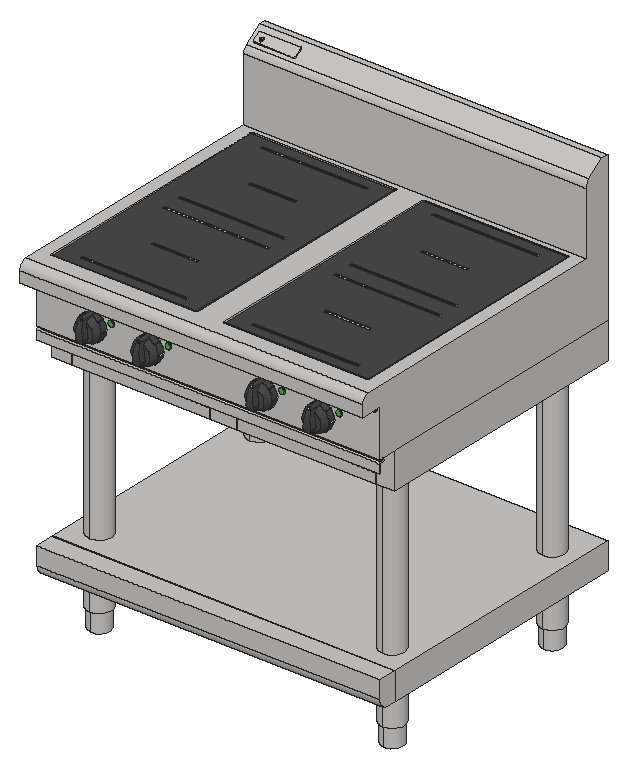
Revit family "QF_Moffat_IN8400R5-LS_Induction_Cooktop_cat", category Specialty Equipment, Revit 2019 (continued)
Definition of nested family "QF_LOGO_Waldorf"
  Lines and regions (mm)
    Split face 8
      outline origin (0, -1.881, 2.589) x (1, 0, 0) y (0, 0.809017, 0.587785)
        loop
          spline (76.449, 7.654) -> (76.841, 7.725) -> (77.206, 7.934) -> (77.52, 8.267) -> (77.76, 8.701) -> (77.912, 9.206) -> (77.963, 9.749) -> (77.912, 10.291) -> (77.76, 10.796) -> (77.52, 11.23) -> (77.206, 11.563) -> (76.841, 11.772) -> (76.449, 11.843)
          spline (76.449, 11.843) -> (76.057, 11.772) -> (75.691, 11.563) -> (75.378, 11.23) -> (75.137, 10.796) -> (74.986, 10.291) -> (74.934, 9.749) -> (74.986, 9.206) -> (75.137, 8.701) -> (75.378, 8.267) -> (75.691, 7.934) -> (76.057, 7.725) -> (76.449, 7.654)
    Split face 9
      outline origin (0, -1.881, 2.589) x (1, 0, 0) y (0, 0.809017, 0.587785)
        loop
          line (86.998, 12.335) -> (86.998, 13.879) -> (83.479, 13.879) -> (83.479, 5.728) -> (87.312, 5.728) -> (87.312, 8.975)
          spline (87.312, 8.975) -> (87.364, 9.356) -> (87.458, 9.686) -> (87.594, 9.968) -> (87.769, 10.204) -> (87.982, 10.398) -> (88.229, 10.55) -> (88.509, 10.666) -> (88.82, 10.746) -> (89.16, 10.794) -> (89.525, 10.812) -> (89.915, 10.803) -> (90.327, 10.77)
          line (90.327, 10.77) -> (90.327, 14.113)
          spline (90.327, 14.113) -> (89.929, 14.127) -> (89.552, 14.111) -> (89.197, 14.066) -> (88.865, 13.991) -> (88.554, 13.887) -> (88.266, 13.754) -> (87.999, 13.591) -> (87.755, 13.399) -> (87.532, 13.177) -> (87.332, 12.926) -> (87.154, 12.645) -> (86.998, 12.335)
    Split face 10
      outline origin (0, -1.881, 2.589) x (1, 0, 0) y (0, 0.809017, 0.587785)
        loop
          line (92.082, 13.879) -> (90.894, 13.879) -> (90.894, 11.972) -> (92.082, 11.972) -> (92.082, 5.728) -> (95.871, 5.728) -> (95.871, 11.972) -> (97.5, 11.972) -> (97.5, 13.879) -> (95.871, 13.879)
          spline (95.871, 13.879) -> (95.843, 14.088) -> (95.845, 14.278) -> (95.877, 14.447) -> (95.939, 14.596) -> (96.03, 14.726) -> (96.151, 14.835) -> (96.301, 14.925) -> (96.482, 14.995) -> (96.692, 15.045) -> (96.931, 15.075) -> (97.201, 15.085) -> (97.5, 15.076)
          line (97.5, 15.076) -> (97.5, 17.266) -> (95.367, 17.266)
          spline (95.367, 17.266) -> (94.982, 17.253) -> (94.58, 17.21) -> (94.174, 17.132) -> (93.774, 17.013) -> (93.39, 16.846) -> (93.034, 16.627) -> (92.717, 16.349) -> (92.448, 16.007) -> (92.24, 15.595) -> (92.102, 15.106) -> (92.046, 14.537) -> (92.082, 13.879)
  Dimensions and locks
    equal spacing: plane 3 "LEFT", plane 7 "Center Y", plane 4 "RIGHT"
    "Length": plane 3 "LEFT" to plane 4 "RIGHT"
    equal spacing: plane 5 "FRONT", plane 8 "Center X", plane 1 "BACK"
    "Depth": plane 5 "FRONT" to plane 1 "BACK"
    "Height": plane 6 "TOP" to level
    plane 4 "RIGHT" to plane 3 "LEFT" = 138 mm
    aligned and locked: level to plane 2
  Automatic sketch dimensions
    Extrusion 1 sketch curve to plane 3 "LEFT" = 0 mm
    plane 3 "LEFT" to Extrusion 1 sketch curve = 4 mm  (x2)
    Extrusion 1 sketch curve to Extrusion 1 sketch curve = 10.75 mm
    Extrusion 1 sketch curve to Extrusion 1 sketch curve = 0.5 mm
    plane 4 "RIGHT" to Extrusion 1 sketch curve = 33 mm
    Extrusion 1 sketch curve to Extrusion 1 sketch curve = 0 mm  (x3)
    Extrusion 1 sketch curve to Extrusion 1 sketch curve = 4 mm
    Extrusion 1 sketch curve to Extrusion 1 sketch curve = 3.464 mm  (x3)
    Extrusion 1 sketch curve to Extrusion 1 sketch curve = 3.541 mm
    Extrusion 1 sketch curve to Extrusion 1 sketch curve = 4.325 mm
    Extrusion 1 sketch curve to Extrusion 1 sketch curve = 19.783 mm
    Extrusion 1 sketch curve to Extrusion 1 sketch curve = 7.592 mm
    plane 3 "LEFT" to Extrusion 2 sketch curve = 15.25 mm
    Extrusion 2 sketch curve to Extrusion 2 sketch curve = 4.325 mm
    plane 3 "LEFT" to Extrusion 3 sketch curve = 14.75 mm
    Extrusion 3 sketch curve to Extrusion 3 sketch curve = 4.325 mm
    Extrusion 1 to Split face 1 sketch curve = 6.879 mm
    Split face 1 sketch curve to Extrusion 1 = 5.728 mm
    Split face 1 sketch curve to Split face 1 sketch curve = 3.132 mm
    Split face 1 sketch curve to Split face 1 sketch curve = 4.068 mm
    Split face 1 sketch curve to Split face 1 sketch curve = 3.051 mm
    Split face 1 sketch curve to Split face 1 sketch curve = 4.203 mm
    Split face 1 sketch curve to Split face 1 sketch curve = 2.916 mm
    Split face 1 sketch curve to Split face 1 sketch curve = 3.456 mm
    Split face 1 sketch curve to Split face 1 sketch curve = 2.934 mm
    Split face 1 sketch curve to Split face 1 sketch curve = 4.131 mm
    Split face 1 sketch curve to Split face 1 sketch curve = 3.96 mm
    Split face 1 sketch curve to Split face 1 sketch curve = 0 mm  (x2)
    Split face 1 sketch curve to Extrusion 1 = 9.736 mm  (x2)
    Extrusion 1 to Split face 1 sketch curve = 6.337 mm
    Extrusion 1 to Split face 1 sketch curve = 6.231 mm
    Extrusion 1 to Split face 1 sketch curve = 3.184 mm
    Extrusion 1 to Split face 1 sketch curve = 13.135 mm
    Split face 1 sketch curve to Split face 1 sketch curve = 4.652 mm
    Split face 1 sketch curve to Split face 1 sketch curve = 3.593 mm
    Split face 1 sketch curve to Split face 1 sketch curve = 1.863 mm
    Split face 1 sketch curve to Split face 1 sketch curve = 0.713 mm
    Split face 1 sketch curve to Split face 1 sketch curve = 2.684 mm
    Split face 1 sketch curve to Split face 1 sketch curve = 3.294 mm
    Split face 1 sketch curve to Split face 1 sketch curve = 0.459 mm
    Split face 1 sketch curve to Split face 1 sketch curve = 2.775 mm
    Split face 1 sketch curve to Split face 1 sketch curve = 1.89 mm
    Split face 1 sketch curve to Split face 1 sketch curve = 0.685 mm
    Split face 1 sketch curve to Split face 1 sketch curve = 9.486 mm
    Split face 1 sketch curve to Split face 1 sketch curve = 16.213 mm
    Split face 1 sketch curve to Split face 1 sketch curve = 3.48 mm
    Split face 1 sketch curve to Split face 1 sketch curve = 4.918 mm
    Split face 1 sketch curve to Split face 1 sketch curve = 7.609 mm
    Split face 1 sketch curve to Split face 1 sketch curve = 0.01 mm  (x2)
    Split face 1 sketch curve to Split face 1 sketch curve = 0.002 mm
    Split face 2 sketch curve to Extrusion 1 = 11.169 mm
    Extrusion 1 to Split face 2 sketch curve = 25.647 mm
    Split face 2 sketch curve to Split face 2 sketch curve = 3.72 mm
    Split face 2 sketch curve to Extrusion 1 = 11.965 mm
    Split face 2 sketch curve to Split face 2 sketch curve = 0.371 mm
    Split face 2 sketch curve to Extrusion 1 = 6.602 mm
    Split face 2 sketch curve to Split face 2 sketch curve = 2.689 mm
    Split face 2 sketch curve to Split face 2 sketch curve = 0.318 mm
    Split face 2 sketch curve to Split face 2 sketch curve = 3.729 mm
    Split face 2 sketch curve to Split face 2 sketch curve = 0.414 mm
    Split face 2 sketch curve to Split face 2 sketch curve = 0.875 mm
    Split face 2 sketch curve to Split face 2 sketch curve = 0.878 mm
    Split face 3 sketch curve to Extrusion 1 = 8.597 mm
    Extrusion 1 to Split face 3 sketch curve = 29.688 mm
    Split face 3 sketch curve to Extrusion 1 = 9.264 mm
    Split face 3 sketch curve to Split face 3 sketch curve = 2.326 mm
    Split face 4 sketch curve to Extrusion 1 = 5.728 mm
    Extrusion 1 to Split face 4 sketch curve = 38.08 mm
    Split face 4 sketch curve to Split face 4 sketch curve = 3.843 mm
    Split face 4 sketch curve to Extrusion 1 = 9.736 mm
    Split face 5 sketch curve to Extrusion 1 = 9.736 mm
    Split face 5 sketch curve to Extrusion 1 = 43.205 mm
    Split face 5 sketch curve to Extrusion 1 = 6.679 mm
    Split face 5 sketch curve to Split face 5 sketch curve = 0.342 mm
    Split face 5 sketch curve to Split face 5 sketch curve = 3.375 mm
    Split face 5 sketch curve to Split face 5 sketch curve = 0.952 mm
    Split face 5 sketch curve to Split face 5 sketch curve = 3.998 mm
    Split face 6 sketch curve to Extrusion 1 = 7.499 mm
    Split face 6 sketch curve to Extrusion 1 = 44.727 mm
    Split face 6 sketch curve to Split face 6 sketch curve = 2.07 mm
    Split face 7 sketch curve to Extrusion 1 = 5.305 mm
    Split face 7 sketch curve to Extrusion 1 = 32.551 mm
    Split face 7 sketch curve to Split face 7 sketch curve = 4.443 mm
    Split face 8 sketch curve to Extrusion 1 = 7.654 mm
    Split face 8 sketch curve to Extrusion 1 = 32.551 mm
    Split face 8 sketch curve to Split face 8 sketch curve = 2.095 mm
    Split face 9 sketch curve to Extrusion 1 = 5.728 mm
    Split face 9 sketch curve to Extrusion 1 = 25.521 mm
    Split face 9 sketch curve to Split face 9 sketch curve = 3.519 mm
    Split face 9 sketch curve to Split face 9 sketch curve = 0.315 mm
    Split face 9 sketch curve to Split face 9 sketch curve = 3.33 mm
    Split face 9 sketch curve to Split face 9 sketch curve = 3.248 mm
    Split face 9 sketch curve to Split face 9 sketch curve = 1.795 mm
    Split face 9 sketch curve to Split face 9 sketch curve = 3.36 mm
    Split face 9 sketch curve to Split face 9 sketch curve = 1.545 mm
    Split face 9 sketch curve to Split face 9 sketch curve = 0.233 mm
    Split face 10 sketch curve to Extrusion 1 = 18.106 mm
    Split face 10 sketch curve to Split face 10 sketch curve = 1.188 mm  (x2)
    Split face 10 sketch curve to Split face 10 sketch curve = 3.285 mm
    Split face 10 sketch curve to Split face 10 sketch curve = 3.789 mm
    Split face 10 sketch curve to Split face 10 sketch curve = 0 mm  (x2)
    Split face 10 sketch curve to Split face 10 sketch curve = 1.629 mm
    Split face 10 sketch curve to Split face 10 sketch curve = 2.133 mm
    Split face 10 sketch curve to Extrusion 1 = 5.728 mm
    Split face 10 sketch curve to Split face 10 sketch curve = 6.245 mm
    Split face 10 sketch curve to Split face 10 sketch curve = 1.907 mm  (x2)
    Split face 10 sketch curve to Split face 10 sketch curve = 1.197 mm
    Split face 10 sketch curve to Split face 10 sketch curve = 2.19 mm
Definition of nested family "Knob"
  Parameters (values of type "Knob")
    Weight in Pounds = 0
    URL Cutsheet = ""
    Specification by User = ""
    Specification by Manufacturer = ""
    Serial Number = ""
    Seismic Rating = ""
    SMACNA No = ""
    Revision Code = ""
    NAFEM Spec ID Number = ""
    Masterspec = ""
    Length = 65 mm
    Item Number = ""
    Installed By = ""
    Identify Quantity as Lot = yes
    Height = 69.5 mm
    Furnished By = ""
    Foodservice Equipment Identifier = yes
    Depth = 59 mm
    CSI MasterFormat = ""
  Reference planes
    plane 1 "BACK": y = 0
    plane 2: z = 0
    plane 3 "LEFT": x = 0
    plane 4 "RIGHT": x = 65
    plane 5 "FRONT": y = -59
    plane 6 "TOP": z = 69.5
    plane 7 "Center Y": x = 32.5
    plane 8 "Center X": y = -29.5
  Forms (mm)
    Revolve 1, solid
      sketch origin (32.5, 175.397, 1219.2) x (0, 1, 0) y (0, 0, 1)
        loop
          line (-175.397, -1186.7) -> (-219.397, -1186.7) -> (-219.397, -1211.501) -> (-202.106, -1219.2) -> (-185.397, -1219.2) -> (-185.397, -1191.7) -> (-175.397, -1191.7) -> (-175.397, -1186.7)
        axis (-219.397, -1186.7) -> (-175.397, -1186.7)
      angle from 0 to 360
    Extrusion 2, solid
      sketch origin (32.5, 175.397, 1219.2) x (0, 1, 0) y (0, 0, 1)
        loop
          line (-202.106, -1154.2) -> (-185.397, -1154.2) -> (-185.397, -1149.7) -> (-224.105, -1149.7)
          arc (-224.105, -1149.7) -> (-233.965, -1178.467) -> (-230.696, -1208.7) r 70
          line (-230.696, -1208.7) -> (-219.397, -1208.7) -> (-219.397, -1161.899) -> (-202.106, -1154.2)
      from -15 to 15
    Extrusion 3, void
      sketch origin (0, 0, 0) x (1, 0, 0) y (0, 0, 1)
        loop
          line (27.501, 64.613) -> (22.02, 20.585)
          arc (22.02, 20.585) -> (32.792, 10.488) -> (42.986, 21.169) r 10.487
          line (42.986, 21.169) -> (37.499, 64.613)
          arc (37.499, 64.613) -> (32.5, 69.5) -> (27.501, 64.613) r 5
        loop
          line (10, 72.977) -> (10, 5.625) -> (55, 5.625) -> (55, 72.977) -> (10, 72.977)
      from 6.142 to 69.687
    Extrusion 4, solid
      sketch origin (0, -34.115, -16.916) x (1, 0, 0) y (0, 0.45399, 0.891007)
        loop
          circle (32.497, 65) r 2
      from 51.525 to 53.075
    Extrusion 5, solid
      sketch origin (32.5, -10, 32.5) x (0, 0, -1) y (-1, 0, 0)
        loop
          line (-23.54, -22.408) -> (-24.106, -22.974)
          arc (-24.106, -22.974) -> (-23.547, -23.547) -> (-22.974, -24.106) r 33.3
          line (-22.974, -24.106) -> (-22.408, -23.54)
          arc (-22.408, -23.54) -> (-22.981, -22.981) -> (-23.54, -22.408) r 32.5
        loop
          arc (-0.8, -33.29) -> (0, -33.3) -> (0.8, -33.29) r 33.3
          line (0.8, -33.29) -> (0.8, -32.49)
          arc (0.8, -32.49) -> (0, -32.5) -> (-0.8, -32.49) r 32.5
          line (-0.8, -32.49) -> (-0.8, -33.29)
        loop
          arc (23.54, -22.408) -> (22.981, -22.981) -> (22.408, -23.54) r 32.5
          line (22.408, -23.54) -> (22.974, -24.106)
          arc (22.974, -24.106) -> (23.547, -23.547) -> (24.106, -22.974) r 33.3
          line (24.106, -22.974) -> (23.54, -22.408)
        loop
          arc (-23.54, 22.408) -> (-22.981, 22.981) -> (-22.408, 23.54) r 32.5
          line (-22.408, 23.54) -> (-22.974, 24.106)
          arc (-22.974, 24.106) -> (-23.547, 23.547) -> (-24.106, 22.974) r 33.3
          line (-24.106, 22.974) -> (-23.54, 22.408)
        loop
          line (-0.8, 33.29) -> (-0.8, 32.49)
          arc (-0.8, 32.49) -> (0, 32.5) -> (0.8, 32.49) r 32.5
          line (0.8, 32.49) -> (0.8, 33.29)
          arc (0.8, 33.29) -> (0, 33.3) -> (-0.8, 33.29) r 33.3
        loop
          line (32.49, -0.8) -> (33.29, -0.8)
          arc (33.29, -0.8) -> (33.3, 0) -> (33.29, 0.8) r 33.3
          line (33.29, 0.8) -> (32.49, 0.8)
          arc (32.49, 0.8) -> (32.5, 0) -> (32.49, -0.8) r 32.5
        loop
          arc (24.106, 22.974) -> (23.547, 23.547) -> (22.974, 24.106) r 33.3
          line (22.974, 24.106) -> (22.408, 23.54)
          arc (22.408, 23.54) -> (22.981, 22.981) -> (23.54, 22.408) r 32.5
          line (23.54, 22.408) -> (24.106, 22.974)
      from 0 to -16.709
  Cuts and joins
    Extrusion 3 cuts Extrusion 2
  Dimensions and locks
    equal spacing: plane 3 "LEFT", plane 7 "Center Y", plane 4 "RIGHT"
    "Length": plane 3 "LEFT" to plane 4 "RIGHT"
    equal spacing: plane 5 "FRONT", plane 8 "Center X", plane 1 "BACK"
    "Depth": plane 5 "FRONT" to plane 1 "BACK"
    "Height": plane 6 "TOP" to level
    plane 4 "RIGHT" to plane 3 "LEFT" = 65 mm
    aligned and locked: level to plane 2
  Automatic sketch dimensions
    Revolve 1 sketch curve to level = 0 mm
    Revolve 1 sketch curve to plane 1 "BACK" = 0 mm  (x2)
    plane 1 "BACK" to Revolve 1 sketch curve = 10 mm
    plane 8 "Center X" to Revolve 1 sketch curve = 2.791 mm
    Revolve 1 sketch curve to plane 8 "Center X" = 14.5 mm
    level to Revolve 1 sketch curve = 7.699 mm
    level to Revolve 1 sketch curve = 27.5 mm
    Revolve 1 sketch curve to Revolve 1 sketch curve = 5 mm
    Revolve 1 sketch curve to Revolve 1 sketch curve = 35 mm
    Revolve 1 sketch curve to Revolve 1 sketch curve = 0 mm
    Extrusion 2 sketch curve to plane 6 "TOP" = 0 mm
    Extrusion 2 sketch curve to plane 5 "FRONT" = 3.702 mm
    Extrusion 2 sketch curve to plane 5 "FRONT" = 10.293 mm
    Extrusion 2 sketch curve to Extrusion 2 sketch curve = 11.298 mm
    plane 8 "Center X" to Extrusion 2 sketch curve = 2.791 mm
    plane 1 "BACK" to Extrusion 2 sketch curve = 10 mm
    Extrusion 2 sketch curve to plane 1 "BACK" = 11 mm
    Extrusion 2 sketch curve to plane 6 "TOP" = 4.5 mm
    Extrusion 2 sketch curve to plane 6 "TOP" = 12.199 mm
    level to Extrusion 2 sketch curve = 32.962 mm
    level to Extrusion 3 sketch curve = 5.625 mm
    Extrusion 3 sketch curve to plane 7 "Center Y" = 0 mm  (x2)
    Extrusion 3 sketch curve to plane 7 "Center Y" = 4.999 mm
    Extrusion 3 sketch curve to plane 7 "Center Y" = 10.48 mm
    plane 6 "TOP" to Extrusion 3 sketch curve = 3.477 mm
    plane 3 "LEFT" to Extrusion 3 sketch curve = 10 mm
    Extrusion 3 sketch curve to plane 6 "TOP" = 4.887 mm
    Extrusion 3 sketch curve to Extrusion 3 sketch curve = 4.999 mm
    plane 7 "Center Y" to Extrusion 3 sketch curve = 10.486 mm
    level to Extrusion 3 sketch curve = 20.585 mm
    Extrusion 3 sketch curve to Extrusion 3 sketch curve = 0.387 mm
    Extrusion 3 sketch curve to Extrusion 3 sketch curve = 0.113 mm
    plane 4 "RIGHT" to Extrusion 3 sketch curve = 10 mm
    Extrusion 5 sketch curve to Revolve 1 = 32.49 mm
    Revolve 1 to Extrusion 5 sketch curve = 32.49 mm
    Extrusion 5 sketch curve to Revolve 1 = 23.54 mm  (x2)
    Revolve 1 to Extrusion 5 sketch curve = 23.54 mm  (x2)
    Extrusion 5 sketch curve to Revolve 1 = 24.106 mm  (x2)
    Revolve 1 to Extrusion 5 sketch curve = 24.106 mm  (x2)
    Revolve 1 to Extrusion 5 sketch curve = 22.408 mm  (x2)
    Extrusion 5 sketch curve to Revolve 1 = 22.408 mm  (x2)
    Revolve 1 to Extrusion 5 sketch curve = 22.974 mm  (x2)
    Extrusion 5 sketch curve to Revolve 1 = 22.974 mm  (x2)
    Extrusion 5 sketch curve to Extrusion 5 sketch curve = 1.6 mm  (x2)
    Revolve 1 to Extrusion 5 sketch curve = 0.8 mm
    Extrusion 5 sketch curve to Revolve 1 = 0.8 mm
    Extrusion 4 sketch curve to plane 7 "Center Y" = 0.003 mm
    radius of Extrusion 5 sketch curve to Revolve 1 = 0 mm  (x7)
    radius of Revolve 1 to Extrusion 5 sketch curve = 0.8 mm  (x7)
    radius of Extrusion 4 sketch curve = 2 mm
Types (2, lengths in mm): name | Volts | Model | Cycle | Apparent Power
  INB8400R5-LS_415/60/3 | 415 V | "IN8400R5-LS" | 60 Hz | 20102.6 VA
  INB8400R5-LS_400/50/3 | 400 V | "INB8400R5-LS" | 50 Hz | 19376 VA
